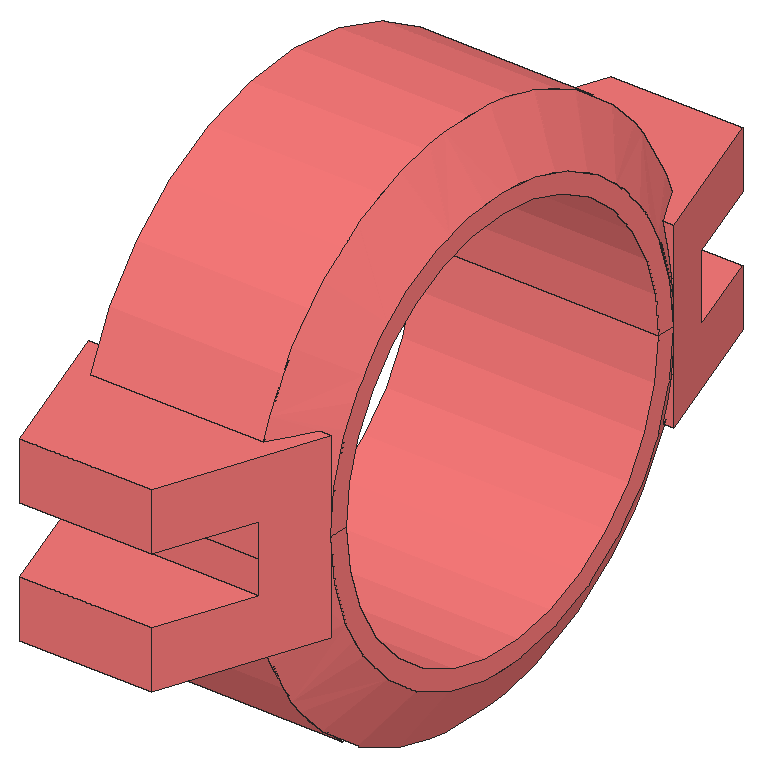
Revit family "ST-12 EX LWT COUPLING UNION", category Pipe Fittings, Revit 2025
Family settings
  Round Connector Dimension = Use Diameter
  Part Type = Union
  Work Plane-Based = No
  Always vertical = Yes
  Cut with Voids When Loaded = No
  Shared = No
Parameters (values of type "3OD")
  W [instance] = 24.414 mm
  ND [instance] = 76.1 mm
  LOOKUP TABLE = "ST-12 EX LWT COUPLING"
  K [instance] = I / 3  # 10.667 mm
  J [instance] = size_lookup(LOOKUP TABLE, "J", 100 mm, ND)  # 33.6 mm
  I [instance] = size_lookup(LOOKUP TABLE, "I", 100 mm, ND)  # 32 mm
  H [instance] = size_lookup(LOOKUP TABLE, "H", 100 mm, ND)  # 100.5 mm
  F [instance] = E + 7 mm  # 79.5 mm
  E [instance] = size_lookup(LOOKUP TABLE, "E", 100 mm, ND)  # 72.5 mm
  Default Elevation = 0 mm
  H+2 [instance] = H + 2 mm  # 102.5 mm
  DCD+5 [instance] = DCD + 5 mm  # 49.9 mm
  DCD [instance] = size_lookup(LOOKUP TABLE, "DCD", 100 mm, ND)  # 44.9 mm
  ANG [instance] = 20.00°
  A [instance] = size_lookup(LOOKUP TABLE, "A", 100 mm, ND)  # 137 mm
Types (14, lengths in mm): name | W | ND | K | J | I | H | F | E | H+2 | DCD+5 | DCD | A
  (no name) | 24.414 | 76.1 | 10.667 | 33.6 | 32 | 100.5 | 79.5 | 72.5 | 102.5 | 49.9 | 44.9 | 137
  25 | 15 | 25 | 10.1 | 33 | 30.3 | 55.6 | 37.4 | 30.4 | 57.6 | 48.5 | 43.5 | 90
  32 | 15 | 32 | 10.667 | 33.6 | 32 | 65 | 46.2 | 39.2 | 67 | 48.5 | 43.5 | 99
  40 | 18 | 40 | 10.667 | 33.6 | 32 | 71 | 52.3 | 45.3 | 73 | 48.5 | 43.5 | 107
  50 | 18 | 50 | 10.667 | 33.6 | 32 | 83.6 | 64.4 | 57.4 | 85.6 | 49.9 | 44.9 | 120
  80 | 24.414 | 80 | 10.667 | 50.8 | 32 | 114.1 | 92.1 | 85.1 | 116.1 | 49.9 | 44.9 | 152
  100 | 20 | 100 | 10.667 | 50.8 | 32 | 147 | 117.3 | 110.3 | 149 | 55.1 | 50.1 | 183
  125 | 24.414 | 125 | 10.667 | 43 | 32 | 175.5 | 144.4 | 137.4 | 177.5 | 55.1 | 50.1 | 220
  150 | 24.414 | 150 | 10.667 | 43 | 32 | 204 | 171.4 | 164.4 | 206 | 55.1 | 50.1 | 249
  200 | 20 | 200 | 10.667 | 82.8 | 32 | 261.5 | 221.9 | 214.9 | 263.5 | 63.3 | 58.3 | 315
  65 | 24.414 | 65 | 10.667 | 33.6 | 32 | 97.3 | 76.3 | 69.3 | 99.3 | 49.9 | 44.9 | 134
  3OD | 24.414 | 76.1 | 10.667 | 33.6 | 32 | 100.5 | 79.5 | 72.5 | 102.5 | 49.9 | 44.9 | 137
  5.5OD | 24.414 | 139.7 | 10.667 | 50.8 | 32 | 173.8 | 143 | 136 | 175.8 | 55.1 | 50.1 | 220
  6.5OD | 24.414 | 165.1 | 10.667 | 43 | 32 | 201 | 168.2 | 161.2 | 203 | 55.1 | 50.1 | 246
Reference planes
  plane 1 "Center (Front/Back)": y = 0
  plane 2: z = 0
  plane 3 "Center (Left/Right)": x = 0
  plane 4 "PLANE L": x = 0
  plane 5 "PLANE R": x = 0
Forms (mm)
  Revolve 1, solid, material "Iron, Ductile(1)"
    sketch origin (0, 0, 0) x (1, 0, 0) y (0, 1, 0)
      loop
        line (-16, 50.25) -> (-22.45, 39.75) -> (-22.45, 36.25) -> (22.45, 36.25) -> (22.45, 39.75) -> (16, 50.25) -> (-16, 50.25)
      axis (22.45, 0) -> (-22.45, 0)
    angle from 0 to 360
  Extrusion 2, solid, material "Iron, Ductile(1)"
    sketch origin (0, -0.094, 0) x (0, 1, 0) y (0, 0, 1)
      loop
        line (39.844, 16.8) -> (39.844, 8) -> (39.844, 0) -> (39.844, -8) -> (39.844, -16.8) -> (68.594, -16.8) -> (68.594, -6.133) -> (51.344, -6.133) -> (51.344, 0) -> (51.344, 6.133) -> (68.594, 6.133) -> (68.594, 16.8) -> (39.844, 16.8)
      loop
        line (-39.656, 16.8) -> (-68.406, 16.8) -> (-68.406, 6.133) -> (-51.156, 6.133) -> (-51.156, 0) -> (-51.156, -6.133) -> (-68.406, -6.133) -> (-68.406, -16.8) -> (-39.656, -16.8) -> (-39.656, -8) -> (-39.656, 0) -> (-39.656, 8) -> (-39.656, 16.8)
    from -22.45 to 22.45
  Extrusion 3, void
    sketch origin (0, 0, 0) x (1, 0, 0) y (0, 1, 0)
      loop
        line (-22.45, -39.75) -> (-22.45, -68.5) -> (-12.207, -68.5) -> (-22.45, -39.75)
      loop
        line (12.207, -68.5) -> (22.45, -68.5) -> (22.45, -39.75) -> (12.207, -68.5)
      loop
        line (-22.45, 39.75) -> (-12.207, 68.5) -> (-22.45, 68.5) -> (-22.45, 39.75)
      loop
        line (12.207, 68.5) -> (22.45, 39.75) -> (22.45, 68.5) -> (12.207, 68.5)
    from -16.8 to 16.8
Cuts and joins
  Extrusion 3 cuts Revolve 1
  Extrusion 3 cuts Extrusion 2
  joined: Revolve 1, Extrusion 2
Lines and regions (mm)
  reference lines
    curve 1: line (-45.95, 36.25, 0) -> (54.05, 36.25, 0)
    curve 2: line (26.068, -36.25, 0) -> (-33.932, -36.25, 0)
    curve 3: line (-51.135, 39.75, 0) -> (61.273, 39.75, 0)
    curve 4: line (-114.046, -39.75, 0) -> (68.237, -39.75, 0)
    curve 5: line (22.45, 50.33, 0) -> (22.45, -46.039, 0)
    curve 6: line (-22.45, 50.25, 0) -> (-22.45, -31.039, 0)
    curve 7: line (-47.972, 50.25, 0) -> (99.702, 50.25, 0)
    curve 8: line (125.91, -50.25, 0) -> (-131.838, -50.25, 0)
    curve 9: line (-29.202, 68.5, 0) -> (76.073, 68.5, 0)
    curve 10: line (-114.046, -68.5, 0) -> (103.702, -68.5, 0)
    curve 11: line (-22.45, 40.277, 0) -> (-12.178, 68.5, 0)
    curve 12: line (22.45, 39.75, 0) -> (12.178, 68.5, 0)
    curve 13: line (0, 68.5, 13.9) -> (0, 68.5, -8.184)
    curve 14: line (0, -68.5, 50) -> (0, -68.5, -7.685)
    curve 15: line (0, -126.469, 16.8) -> (0, 138.77, 16.8)
    curve 16: line (0, -115.767, -16.8) -> (0, 136.233, -16.8)
    curve 17: line (0, 51.25, 38.5) -> (0, 51.25, -24.77)
    curve 18: line (0, -51.25, 45) -> (0, -51.25, -25.4)
    curve 19: line (0, 86.696, 6.133) -> (0, -90.304, 6.133)
    curve 20: line (0, 81.039, -6.133) -> (0, -85.961, -6.133)
    curve 21: line (-73.141, 36.722, 0) -> (39.974, 36.722, 0)
    curve 22: line (-32.706, -36.722, 0) -> (32.23, -36.722, 0)
    curve 23: line (-22.45, 40.277, 0) -> (-12.178, 68.5, 0)
    curve 24: line (-172.863, 0, 0) -> (36.037, 0, 0)
Dimensions and locks
  equal spacing: curve 2, plane 1 "Center (Front/Back)", curve 1
  "E": curve 2 to curve 1
  equal spacing: curve 4, plane 1 "Center (Front/Back)", curve 3
  "F": curve 4 to curve 3
  equal spacing: curve 6, plane 3 "Center (Left/Right)", curve 5
  "DCD": curve 6 to curve 5
  equal spacing: curve 8, plane 1 "Center (Front/Back)", curve 7
  "H": curve 8 to curve 7
  equal spacing: Revolve 1 sketch curve, plane 3 "Center (Left/Right)", Revolve 1 sketch curve
  "I": Revolve 1 sketch curve to Revolve 1 sketch curve
  equal spacing: curve 10, plane 1 "Center (Front/Back)", curve 9
  "A": curve 10 to curve 9
  equal spacing: curve 14, plane 1 "Center (Front/Back)", curve 13
  "A": curve 14 to curve 13
  equal spacing: curve 18, plane 1 "Center (Front/Back)", curve 17
  "H+2": curve 18 to curve 17
  equal spacing: curve 16, level, curve 15
  "J": curve 16 to curve 15
  "K": curve 15 to curve 19
  "K": curve 20 to curve 16
  equal spacing: curve 22, plane 1 "Center (Front/Back)", curve 21
  curve 22 to curve 21 = 73.443 mm
  equal spacing: Extrusion 3 sketch curve, curve 15, Extrusion 3 sketch curve  (x2)
  equal spacing: curve 10, curve 24, curve 9
  "W": Extrusion 3 sketch curve to Extrusion 3 sketch curve  (x2)
  locked: curve 3 to curve 11 (angle 70.00°)
  aligned and locked: level to plane 2
  aligned and locked: curve 7 to Revolve 1 sketch curve
  aligned and locked: Revolve 1 sketch curve to plane 1 "Center (Front/Back)"
  aligned and locked: curve 17 to Extrusion 2 sketch curve
  aligned and locked: Extrusion 2 sketch curve to curve 13  (x2)
  aligned and locked: curve 19 to Extrusion 2 sketch curve
  aligned and locked: curve 15 to Extrusion 2 sketch curve
  aligned and locked: curve 20 to Extrusion 2 sketch curve
  aligned and locked: curve 16 to Extrusion 2 sketch curve
  aligned and locked: Extrusion 2 sketch curve to curve 15
  aligned and locked: curve 14 to Extrusion 2 sketch curve
  aligned and locked: Extrusion 2 sketch curve to curve 14
  aligned and locked: Extrusion 2 sketch curve to curve 20
  aligned and locked: Extrusion 2 sketch curve to curve 18
  aligned and locked: curve 18 to Extrusion 2 sketch curve
  aligned and locked: Extrusion 2 sketch curve to curve 16
  aligned and locked: Extrusion 2 to curve 6
  aligned and locked: Extrusion 2 to curve 5
  aligned and locked: curve 3 to Extrusion 2
  aligned and locked: Extrusion 2 to curve 4
  aligned and locked: curve 6 to Revolve 1 sketch curve
  aligned and locked: curve 5 to Revolve 1 sketch curve
  aligned and locked: curve 1 to Revolve 1 sketch curve  (x2)
  aligned and locked: cut or joined group of Revolve 1, Extrusion 2, Extrusion 3 to cut or joined group of Revolve 1, Extrusion 2, Extrusion 3  (x2)
  aligned and locked: cut or joined group of Revolve 1, Extrusion 2, Extrusion 3 to curve 19
  aligned and locked: cut or joined group of Revolve 1, Extrusion 2, Extrusion 3 to curve 16
  aligned and locked: curve 15 to cut or joined group of Revolve 1, Extrusion 2, Extrusion 3
  aligned and locked: Extrusion 3 sketch curve to curve 10  (x2)
  aligned and locked: Extrusion 3 sketch curve to curve 6
  aligned and locked: curve 5 to Extrusion 3 sketch curve
  aligned and locked: curve 4 to Extrusion 3 sketch curve  (x2)
  aligned and locked: Extrusion 3 sketch curve to cut or joined group of Revolve 1, Extrusion 2, Extrusion 3  (x4)
  aligned and locked: Extrusion 3 sketch curve to curve 9
  aligned and locked: curve 3 to Extrusion 3 sketch curve  (x2)
  aligned and locked: curve 15 to plane 5 "PLANE R"
  aligned and locked: plane 4 "PLANE L" to curve 15
Automatic sketch dimensions
  Extrusion 2 sketch curve to level = 0 mm  (x4)
  Extrusion 2 sketch curve to Extrusion 2 sketch curve = 11.5 mm  (x2)
  Extrusion 2 sketch curve to level = 8 mm
  Extrusion 2 sketch curve to Extrusion 2 sketch curve = 8 mm
  level to Extrusion 2 sketch curve = 6.133 mm
  level to Extrusion 2 sketch curve = 8 mm  (x2)
  Revolve 1 sketch curve to Revolve 1 sketch curve = 3.5 mm  (x2)
  Revolve 1 sketch curve to Revolve 1 sketch curve = 1978.25 mm  (x2)
  curve 20 to curve 14 = 17.461 mm
  curve 19 to curve 14 = 21.804 mm
  curve 16 to curve 20 = 29.806 mm
  curve 15 to curve 19 = 36.165 mm
  curve 13 to curve 20 = 12.539 mm
  curve 13 to curve 19 = 18.196 mm
  curve 20 to curve 16 = 55.194 mm
  curve 19 to curve 15 = 52.075 mm
  curve 18 to level = 25.4 mm
  curve 17 to level = 24.77 mm
  curve 13 to level = 8.184 mm
  curve 14 to level = 7.685 mm
  level to curve 13 = 13.9 mm
  curve 13 to curve 17 = 24.6 mm
  level to curve 18 = 45 mm
  curve 18 to curve 14 = 5 mm
  curve 9 to curve 6 = 6.752 mm
  curve 22 to curve 6 = 10.256 mm
  curve 2 to curve 22 = 1.226 mm
  curve 1 to curve 11 = 23.5 mm
  curve 7 to curve 1 = 2.021 mm
  curve 3 to curve 1 = 5.185 mm
  curve 21 to curve 3 = 22.006 mm
  curve 4 to curve 2 = 80.113 mm
  curve 10 to curve 4 = 0 mm
  curve 8 to curve 4 = 17.792 mm
  curve 24 to curve 8 = 41.026 mm
  curve 11 to plane 3 "Center (Left/Right)" = 12.178 mm
  curve 23 to curve 11 = 0 mm  (x2)
  plane 3 "Center (Left/Right)" to curve 12 = 12.178 mm
  curve 12 to curve 5 = 0 mm
  curve 5 to curve 2 = 3.618 mm
  curve 2 to curve 22 = 6.162 mm
  plane 3 "Center (Left/Right)" to curve 24 = 36.037 mm
  curve 12 to curve 21 = 17.524 mm
  curve 1 to curve 3 = 7.223 mm
  curve 22 to curve 4 = 36.007 mm
  curve 3 to curve 9 = 14.8 mm
  curve 9 to curve 7 = 23.629 mm
  curve 4 to curve 10 = 35.465 mm
  curve 10 to curve 8 = 22.208 mm
  curve 5 to curve 2 = 9.789 mm
  curve 22 to curve 6 = 5.682 mm
  curve 12 to curve 5 = 10.58 mm
Connectors
  piping at (0, 0, 0), diameter 76.1, driven by "ND"
    settings: index 1, connector inside diameter 609.6 mm, connector length 0 mm, flow factor 0, pipe flow 0.0 L/s, pressure drop 0.0 Pa, fitting loss kfactor 0, connector angle 0.00°, fixture units 0, engagement length 0 mm, angle of deflection 0.00°, flow configuration 0, flow direction 0, fitting loss method 0, system type 28, joint type 0, gender type 0, connector reference index 2, connector utility 0, adjustable connector no, is connector primary yes, connector description ""
  piping at (0, 0, 0), diameter 76.1, driven by "ND"
    settings: index 2, connector inside diameter 609.6 mm, connector length 0 mm, flow factor 0, pipe flow 0.0 L/s, pressure drop 0.0 Pa, fitting loss kfactor 0, connector angle 0.00°, fixture units 0, engagement length 0 mm, angle of deflection 0.00°, flow configuration 0, flow direction 0, fitting loss method 0, system type 28, joint type 0, gender type 0, connector reference index 1, connector utility 0, adjustable connector no, is connector primary no, connector description ""
